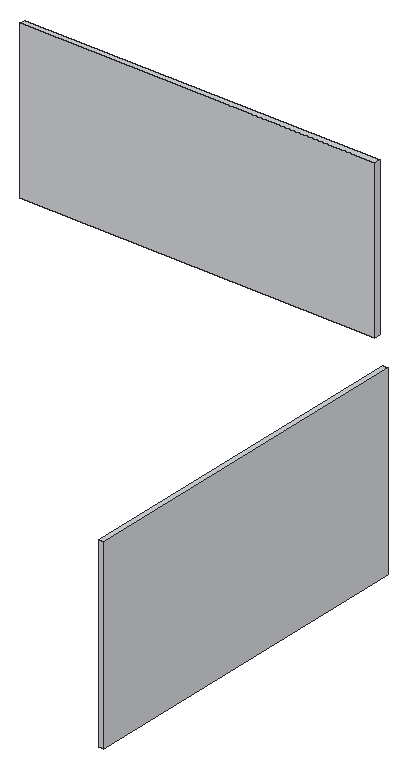
Revit family "EKF450E1", category Mechanical Equipment, Revit 2013
Parameters (values of type "EKF450E1")
  Width (excluding controller) = "700 mm"
  Width (including controller) = "784 mm"
  Warranty period = "Unit 2 years                                    Motor 5 years"
  Sub Type = "Lo-Carbon Kitchen Box Fan"
  Options = "Weatherproofed and Constant Pressure options"
  Length (excluding Spigots) = "826 mm"
  Length (including Spigots = "700 mm"
  Product Description = "Lo-Carbon Kitchen Box Fan"
  Part Number = "EKF450E1"
  Operational and Maintenance Manual = "http://www.vent-axia.com/files/pdf-downloads/439305.pdf"
  Operating Temperature = "(-20C to +40C)"
  Maximum In-Duct Temperature = "120 Degrees C"
  Motor Rating = "0.99kW Max"
  Manufacturer - Website = "www.vent-axia.com"
  Manufacturer - Name = "Vent-Axia Ltd"
  Manufacturer - Email = "sales@vent-axia.com"
  Manufacturer - Contact Phone = "0844 856 0590"
  Manufacturer - Address = "Fleming Way, Crawley, West Sussex RH10 9YX"
  IP Rating = "IP54"
  Height = "700 mm\r\n220mm"
  Weight = "83.5 kg"
  Family = "In-Line Range"
  Country of Manufacture = "UK"
  Category = "Lo-Carbon Kitchen Box Fan"
  AC Voltage Input = "220-240 V AC (single phase)"
  AC Frequency Input = "50Hz nominal"
Reference planes
  plane 1 "Center (Front/Back)": y = 0
  plane 2: z = 0
  plane 3 "Center (Left/Right)": x = 0
  plane 4: z = 413
  plane 5: z = -413
  plane 6: z = 288.063
  plane 7: z = -411.937
  plane 8: z = 217.127
  plane 9: z = -40.516
  plane 10: z = -42.026
  plane 11: z = -346.468
Forms (mm)
  Extrusion 1, solid, detail levels coarse+medium
    sketch origin (-1319.08, 268.949, 334.586) x (1, 0, 0) y (0, 1, 0)
      loop
        line (879.08, 171.051) -> (879.08, -669.889) -> (1706.532, -669.889) -> (1706.532, 171.051) -> (879.08, 171.051)
    from -436.75 to 505.414
  Extrusion 2, solid
    sketch origin (0, 0, 0) x (1, 0, 0) y (0, 0, 1)
      loop
        line (-289.567, 615) -> (-289.567, 359) -> (290.433, 359) -> (290.433, 615) -> (-289.567, 615)
    from -355.54 to -345.54
  Extrusion 3, solid
    sketch origin (0, 0, 0) x (0, 1, 0) y (0, 0, 1)
      loop
        line (-284.46, 357.5) -> (-284.46, 55) -> (295.54, 55) -> (295.54, 357.5) -> (-284.46, 357.5)
    from 342.433 to 350.433
Dimensions and locks
  plane 4 to plane 5 = 826 mm
  plane 7 to plane 6 = 700 mm
  plane 8 to plane 9 = 257.643 mm
  plane 10 to plane 11 = 304.442 mm
  import instance to import instance = 700 mm
  Extrusion 3 to Extrusion 3 = 580 mm
  Extrusion 3 to Extrusion 3 = 302.5 mm
  Extrusion 2 to Extrusion 2 = 256 mm
Connectors
  hvac at (342.433, 5.54, 206.25)
    settings: on import instance, index 1, duct flow 0.0 L/s, flow factor 0, pres drop 0.0 Pa, loss coef 0, conn angle 0.00°, conn width 580 mm, conn height 303 mm, conn radius 304.8 mm, duct sys type 2, conn prof type 1, flow config 0, flow direction 1, loss method 0, conn ref index -1, conn util no, is conn primary yes, conn desc ""
  hvac at (0.433, 345.54, 487)
    settings: on import instance, index 2, duct flow 0.0 L/s, flow factor 0, pres drop 0.0 Pa, loss coef 0, conn angle 0.00°, conn width 580 mm, conn height 256 mm, conn radius 304.8 mm, duct sys type 2, conn prof type 1, flow config 0, flow direction 2, loss method 0, conn ref index -1, conn util no, is conn primary no, conn desc ""
